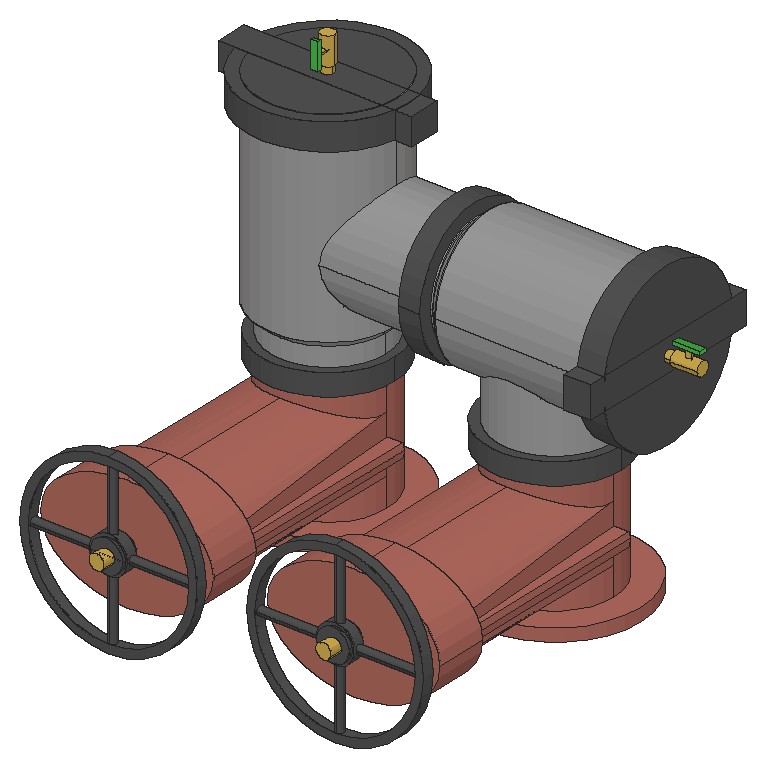
Revit family "Backflow_Preventer-DC-Zurn_Wilkins_Model_450ST_Flanged-(4-10inch)", category Pipe Accessories, Revit 2022
Family settings
  Round Connector Dimension = Use Radius
  Part Type = Valve - Breaks Into
  Work Plane-Based = No
  Always vertical = Yes
  Cut with Voids When Loaded = No
  Shared = No
Parameters (values of type "10-475ST (10" 475ST)")
  Width = 1' - 0"
  URL = "www.zurn.com"
  Symbolic diagram = Symbolic diagram 450ST(4-10) : 10"
  Repair Parts URL = "https://files.zurn.com/repair-parts/450st_4_to_10.pdf"
  Product data URL = "https://www.bimobject.com/en/wilkins/product/zurn-450st"
  Product Weight (lbs) = 720
  Product Page URL = "https://www.zurn.com/products/water-control/backflow-preventers/450st"
  Product Installation Sheet URL = "https://files.zurn.com/care-cleaning-install-warranty-sheets/is450st-8.pdf"
  Product Documentation Link = "https://files.zurn.com/spec-sheets/bf-450st.pdf"
  Nominal Radius = Nominal Diameter / 2  # 0' - 5"
  Nominal Diameter = 0' - 10"
  Modified Data = "09/09/2025"  # constant formula
  Model = "450ST"
  Max Working Water Temperature = 140 °F
  Max Working Water Pressure = 175.00 psi
  Manufacturer Brand = "Zurn Wilkins"  # constant formula
  Manufacturer = "Zurn Water, LLC"  # constant formula
  Main Valve = Zurn_Wilkins_Model_450ST-(4_Inch) : 10"
  Main Material = Paint - Zurn - Stainless steel
  Length = 2' - 0"
  Inlet to relief valve center = 0' - 10 7/32"
  Hydrostatic test pressure = 350.00 psi
  Height = 1' - 0"
  Gate valve = Gate_Valve-Zurn_Wilkins-Model_48_GXF-(4-10_Inch) : 10"
  Flow Rate (GPM) = 0 GPM
  Description = "Double Check Valve Assembly"  # constant formula
  DIM E - Valve top to bottom of relief valve = 2' - 8 3/4"
  DIM D - Valve center to side coupling end = 0' - 8 31/32"
  DIM C - Valve center to gate stem top = 2' - 2 3/4"
  DIM B - Overall height of the valve = 3' - 2 3/4"
  Default Elevation = 0' - 0"
  Date Created = "09/09/2025"  # constant formula
  DIM A - Inlet center to outlet center = 1' - 9"
  Center to top of ball on top = 1' - 3 3/4"
  Center to main valve center = 0' - 1 9/16"
  Center to end for fixing gate valve = 0' - 0"
  Center to bottom coupling = 0' - 10"
  Assembly Code = "D2020300"
Reference planes (in)
  plane 1 "Center (Front/Back)": y = 0
  plane 2: z = 0
  plane 3 "Center (Left/Right)": x = 0
  plane 4 "Left Side Plane": x = -12
  plane 5 "Right side Plane": x = 12
  plane 6 "Back Plane": y = 6
  plane 7 "Front Plane": y = -6
  plane 8 "Top Plane": z = 6
  plane 9 "Bottom Plane": z = -6
  plane 10: x = -10.5
  plane 11: x = 10.5
  plane 12: z = 15.75
  plane 13: z = -23
  plane 14: x = -0.28125
  plane 15: z = -17
  plane 16: y = 8.96875
  plane 17: y = -26.75
  plane 18: z = -10
Dimensions and locks (in)
  equal spacing: plane 5 "Right side Plane", plane 3 "Center (Left/Right)", plane 4 "Left Side Plane"
  "Length": plane 5 "Right side Plane" to plane 4 "Left Side Plane"
  equal spacing: plane 8 "Top Plane", plane 2, plane 9 "Bottom Plane"
  "Height": plane 8 "Top Plane" to plane 9 "Bottom Plane"
  equal spacing: plane 7 "Front Plane", plane 1 "Center (Front/Back)", plane 6 "Back Plane"
  "Width": plane 7 "Front Plane" to plane 6 "Back Plane"
  equal spacing: plane 11, plane 3 "Center (Left/Right)", plane 10
  "DIM A - Inlet center to outlet center": plane 11 to plane 10
  "DIM B - Overall height of the valve": plane 12 to plane 13
  "DIM E - Valve top to bottom of relief valve": plane 12 to plane 15
  "DIM D - Valve center to side coupling end": plane 1 "Center (Front/Back)" to plane 16
  "DIM C - Valve center to gate stem top": plane 17 to plane 1 "Center (Front/Back)"
  "Inlet to relief valve center": plane 10 to plane 14
  "Center to bottom coupling": plane 2 to plane 18
  "Center to top of ball on top": plane 12 to plane 2
  aligned and locked: plane 2 to level
  aligned and locked: nested 1 to plane 10
  aligned and locked: nested 1 to plane 1 "Center (Front/Back)"
  aligned and locked: nested 1 to plane 18
  aligned and locked: nested 2 to plane 11
  aligned and locked: nested 2 to plane 17
  aligned and locked: plane 10 to nested 3
  aligned and locked: nested 3 to plane 17
  aligned and locked: nested 3 to plane 13
  aligned and locked: nested 2 to plane 13
  aligned and locked: plane 3 "Center (Left/Right)" to nested 4
  aligned and locked: nested 4 to plane 1 "Center (Front/Back)"
  aligned and locked: nested 4 to level
Nested families (in)
  nested 1: "Zurn_Wilkins_Model_450ST-(4_Inch)" at (-10.5, 0, -10), type <- "Main Valve", type "10"", detail levels fine
    with Product Install & Maintenance Sheet URL ""
  nested 2: "Gate_Valve-Zurn_Wilkins-Model_48_GXF-(4-10_Inch)" at (10.5, 0, -16.5) x (0, 0, -1) z (0, -1, 0), type <- "Gate valve", type "10""
    with Housing Top Radius 0' - 2 3/8", Housing Bottom Radius 0' - 2 1/2", Horizontal Flange Thickness 0' - 4 7/8", Horizontal Flange Height 1' - 11 1/4", Cover Diameter 0' - 7 1/2", Body Radius 0' - 5 1/2", Body Diameter 0' - 11"
  nested 3: "Gate_Valve-Zurn_Wilkins-Model_48_GXF-(4-10_Inch)" at (-10.5, 0, -16.5) x (0, 0, -1) z (0, -1, 0), type <- "Gate valve", type "10""
    with Housing Top Radius 0' - 2 3/8", Housing Bottom Radius 0' - 2 1/2", Horizontal Flange Thickness 0' - 4 7/8", Horizontal Flange Height 1' - 11 1/4", Cover Diameter 0' - 7 1/2", Body Radius 0' - 5 1/2", Body Diameter 0' - 11"
  nested 4: "Symbolic diagram 450ST(4-10)" at (0, 0, 0), type <- "Symbolic diagram", type "10"", detail levels coarse+medium
    with Product Install & Maintenance Sheet URL ""
Connectors (in)
  piping at (-10.5, 0, -23), diameter 10, driven by "Nominal Radius"
    settings: on nested 3, index 1, connector inside diameter 24", connector length 0' - 0", flow factor 0, pipe flow 0 GPM, pressure drop 0.00 psi, fitting loss kfactor 0, connector angle 0.00°, fixture units 0, engagement length 0' - 0", angle of deflection 0.00°, flow configuration 0, flow direction 1, fitting loss method 0, system type 29, joint type 0, gender type 0, connector reference index 2, connector utility 0, adjustable connector no, is connector primary yes, connector description "Inlet"
  piping at (10.5, 0, -23), diameter 10, driven by "Nominal Radius"
    settings: on nested 2, index 2, connector inside diameter 24", connector length 0' - 0", flow factor 0, pipe flow 0 GPM, pressure drop 0.00 psi, fitting loss kfactor 0, connector angle 0.00°, fixture units 0, engagement length 0' - 0", angle of deflection 0.00°, flow configuration 0, flow direction 2, fitting loss method 0, system type 29, joint type 0, gender type 0, connector reference index 1, connector utility 0, adjustable connector no, is connector primary no, connector description "Outlet"
Definition of nested family "Zurn_Wilkins_Model_450ST-(4_Inch)"
  Parameters (values of type "8"")
    zero = 0' - 0"
    bottom of blend length = 0' - 0 183/256"
    Width = 1' - 0"
    Weight = ""
    URL = "http://www.zurn.com/"
    Top of Ball Valve Center = 2' - 1 13/32"
    Standards Compliance = ""
    Specification Sheet URL = ""
    Side Body Length = 1' - 0"
    Side Body Height = 0' - 10"
    Side Body Diameter = 0' - 8 5/8"
    Right Side of Body Length = 1' - 3"
    Repair Parts URL = ""
    Rated Flow = 0 GPM
    Product Page URL = ""
    Product Install & Maintenance Sheet URL [instance] = ""
    Pressure Loss at Rated Flow = 0.00 psi
    Overall length = 1' - 8 1/2"
    Nominal Radius = 0' - 4"
    Nipple dia. = 0' - 1"
    Nipple Length = 0' - 0 23/32"
    Model = "450ST body"
    Max Working Water Temperature = 0 °F
    Max Working Water Pressure = 0.00 psi
    Manufacturer = "Zurn Wilkins"
    Loss Method = (empty or 0)
    Lg coupling width = 0' - 1 1/2"
    Lg coupling thickness = 0' - 2 29/32"
    Lg Coupling dia = Lg Coupling Radius * 2  # 1' - 3"
    Lg Coupling Radius = 0' - 7 1/2"
    Main Body Height = 1' - 8 5/32"
    Main Body Diameter = 1' - 0 3/4"
    Main Body Coupling Height = 0' - 2"
    Length = 2' - 0"
    Hydrostatic Test Pressure = 0.00 psi
    Height to Inlet = 0' - 9 5/8"
    Height = 1' - 0"
    Green Handle = 0' - 0.31842"
    Flow = ""
    Dim. A = 1' - 6 1/2"
    Dim to coupling = 0' - 9 5/8"
    Dim D = 0' - 8 31/32"
    Description = "450ST Double Check Valve Body"
    Default Elevation = 0' - 0"
    Coupling Radius = 0' - 4 25/32"
    Coupling Height = 0' - 2"
    Green Handle Width = 0' - 0.63283"
    Bottom coupling thickness = 0' - 2"
    Blend Width = 0' - 0 225/256"
    Ball Valve Length = 0' - 2 1/2"
    Ball Valve Handle Width = 0' - 6 1/2"
    Ball Valve Handle Height = 0' - 1 1/4"
    Ball Valve Handle Dia. = 0' - 0 1/2"
    Ball Valve Dia. = 0' - 1 1/4"
    4" Coupling dia = 0' - 9 1/2"
  Types (4): name | bottom of blend length | Side Body Length | Side Body Height | Side Body Diameter | Right Side of Body Length | Nominal Radius | Nipple Length | Lg coupling thickness | Lg Coupling dia | Lg Coupling Radius | Main Body Height | Main Body Diameter | Main Body Coupling Height | Height to Inlet | Dim. A | Dim to coupling | Dim D | Coupling Radius | Coupling Height | Bottom coupling thickness | Blend Width | Ball Valve Handle Width | 4" Coupling dia
    4 inch | 0' - 0 1/2" | 0' - 10" | 0' - 6" | 0' - 4 1/2" | 0' - 7 9/16" | 0' - 3 5/16" | 0' - 0 1/8" | 0' - 1 31/32" | 0' - 7 9/32" | 0' - 3 41/64" | 0' - 10 5/8" | 0' - 6 5/8" | 0' - 1 15/16" | 0' - 6" | 1' - 2" | 0' - 7 3/8" | 0' - 4 31/32" | 0' - 2 13/16" | 0' - 1 1/2" | 0' - 1 1/4" | 0' - 0 1/2" | 0' - 0 5/32" | 0' - 5 1/2"
    6" | 0' - 0 183/256" | 0' - 10" | 0' - 7 9/16" | 0' - 6 5/8" | 0' - 11 9/16" | 0' - 3" | 0' - 0 1/4" | 0' - 2 1/32" | 0' - 10 5/16" | 0' - 5 5/32" | 1' - 2 5/8" | 0' - 8 5/8" | 0' - 2" | 0' - 7 9/16" | 1' - 4" | 0' - 7 13/16" | 0' - 6 5/16" | 0' - 4 1/64" | 0' - 2" | 0' - 1 9/32" | 0' - 0 225/256" | 0' - 0 5/32" | 0' - 7 1/2"
    8" | 0' - 0 183/256" | 1' - 0" | 0' - 10" | 0' - 8 5/8" | 1' - 3" | 0' - 4" | 0' - 0 23/32" | 0' - 2 29/32" | 1' - 3" | 0' - 7 1/2" | 1' - 8 5/32" | 1' - 0 3/4" | 0' - 2" | 0' - 9 5/8" | 1' - 6 1/2" | 0' - 9 5/8" | 0' - 8 31/32" | 0' - 4 25/32" | 0' - 2" | 0' - 2" | 0' - 0 225/256" | 0' - 6 1/2" | 0' - 9 1/2"
    10" | 0' - 0 183/256" | 1' - 2" | 0' - 10" | 0' - 10 3/4" | 1' - 2" | 0' - 4 7/32" | 0' - 0 23/32" | 0' - 2 29/32" | 1' - 3" | 0' - 7 1/2" | 1' - 10 17/32" | 1' - 0 3/4" | 0' - 2 1/2" | 0' - 10" | 1' - 9" | 0' - 11 3/4" | 0' - 8 31/32" | 0' - 6 1/2" | 0' - 2" | 0' - 2" | 0' - 0 225/256" | 0' - 6 1/2" | 1' - 0 1/2"
  Reference planes (in)
    plane 1 "Center (Front/Back)": y = 0
    plane 2: z = 0
    plane 3 "Center (Left/Right)": x = 0
    plane 4 "Left Side Plane": x = -12
    plane 5 "Right side Plane": x = 12
    plane 6 "Back Plane": y = 6
    plane 7 "Front Plane": y = -6
    plane 8 "Top Plane": z = 6
    plane 9 "Bottom Plane": z = -6
    plane 10: x = 12
    plane 11: x = 13
    plane 12 "Dim A": x = 18.5
    plane 13 "Center of Side Body": z = 9.625
    plane 14: x = 28
    plane 15: z = 2
    plane 16: z = 18.15625
    plane 17: x = 30
    plane 18: x = 9.625
    plane 19: x = 11.625
    plane 20: z = 20.15625
    plane 21: z = 20.875
    plane 22: x = 33.21875
    plane 23: y = 0
    plane 24: x = 33.90625
    plane 25: y = 0.31642
    plane 26: y = -0.31642
    plane 27: z = 10.875
    plane 28: z = 23.375
    plane 29: z = 22.125
    plane 30: x = 31.94908
    plane 31: y = -1.25
    plane 32: x = 0
    plane 33: z = 15.5
    plane 34: x = -0.31642
    plane 35: x = 0.31642
    plane 36: x = 30.71875
    plane 37: z = 11.19342
    plane 38: y = -1.56842
    plane 39: z = 2.71484
    plane 40: z = 3.59375
    plane 41: z = 0.96223
    plane 42: z = -1.03777
    plane 43: y = 4.3125
    plane 44: y = -4.3125
    plane 45: y = 4.78125
    plane 46: y = -4.78125
    plane 47: y = 6.375
    plane 48: y = -6.375
    plane 49: y = 4
    plane 50: y = -4
    plane 51: y = 0.625
    plane 52: y = -0.625
    plane 53: z = 1
    plane 54: z = -1
    plane 55: y = 8.96875
    plane 56: y = -8.96875
    plane 57: z = 6.78215
    plane 58: z = 11.07812
    plane 59: z = 8.17187
    plane 60: y = 1.45312
    plane 61: y = -1.45313
    plane 62: x = -8.96875
    plane 63: x = 8.96875
    plane 64: y = 1.45312
    plane 65: y = -1.45313
    plane 66: x = -8.96875
    plane 67 "wewdwewe": z = 0
  Forms (in)
    Extrusion 1, solid, detail levels fine
      sketch origin (0, 0, 0) x (1, 0, 0) y (0, 1, 0)
        loop
          circle (0, 0) r 4.3125
      from 0 to 9.625
    Extrusion 2, solid, detail levels fine
      sketch origin (0, 0, 0) x (1, 0, 0) y (0, 1, 0)
        loop
          circle (0, 0) r 6.375
      from 3.59375 to 20.15625
    Blend 3, solid, detail levels fine
      base sketch origin (0, 0, 0) x (1, 0, 0) y (0, 1, 0)
        loop
          circle (0, 0) r 4.3125
      top sketch origin (0, 0, 0) x (1, 0, 0) y (0, 1, 0)
        loop
          circle (0, 0) r 6.375
      from 2.71484 to 3.59375
    Extrusion 4, solid, detail levels fine
      sketch origin (0, 0, 0) x (1, 0, 0) y (0, 1, 0)
        loop
          circle (0, 0) r 7.5
      from 18.15625 to 20.15625
    Extrusion 5, solid, detail levels fine
      sketch origin (0, 0, 0) x (0, 1, 0) y (0, 0, 1)
        loop
          circle (0, 9.625) r 4.3125
      from 0 to 12
    Blend 6, solid, detail levels fine
      base sketch origin (0, 0, 0) x (0, 1, 0) y (0, 0, 1)
        loop
          circle (0, 9.625) r 4.3125
      top sketch origin (0, 0, 0) x (0, 1, 0) y (0, 0, 1)
        loop
          circle (0, 9.625) r 6.375
      from 12 to 13
    Extrusion 7, solid, detail levels fine
      sketch origin (0, 0, 0) x (1, 0, 0) y (0, 1, 0)
        loop
          circle (18.5, 0) r 4.3125
      from 0 to 9.625
    Extrusion 8, solid, detail levels fine
      sketch origin (0, 0, 0) x (0, 1, 0) y (0, 0, 1)
        loop
          circle (0, 9.625) r 6.375
      from 13 to 28
    Extrusion 9, solid, detail levels fine
      sketch origin (0, 0, 0) x (0, 1, 0) y (0, 0, 1)
        loop
          circle (0, 9.625) r 7.5
      from 30 to 28
    Extrusion 10, solid, detail levels fine
      sketch origin (0, 0, 0) x (0, 1, 0) y (0, 0, 1)
        loop
          circle (0, 9.625) r 4.78125
      from 9.625 to 11.625
    Extrusion 11, solid, detail levels fine
      sketch origin (0, 0, 0) x (1, 0, 0) y (0, 1, 0)
        loop
          circle (0, 0) r 0.5
      from 20.15625 to 20.875
    Extrusion 12, solid, detail levels fine
      sketch origin (0, 0, 0) x (0, 1, 0) y (0, 0, 1)
        loop
          circle (0, 9.625) r 0.5
      from 30 to 30.71875
    Extrusion 13, solid, detail levels fine
      sketch origin (0, 0, 0) x (0, 1, 0) y (0, 0, 1)
        loop
          circle (0, 9.625) r 0.625
      from 30.71875 to 33.21875
    Extrusion 14, solid, detail levels fine
      sketch origin (10.98033, 0, 0) x (1, 0, 0) y (0, 1, 0)
        loop
          circle (20.96875, 0) r 0.25
      from 9.625 to 10.875
    Extrusion 15, solid, detail levels fine
      sketch origin (8.5, 0, 0) x (1, 0, 0) y (0, 1, 0)
        loop
          line (22.21875, 0.31642) -> (22.21875, -0.31642) -> (24.71875, -0.31642) -> (24.71875, 0.31642) -> (22.21875, 0.31642)
      from 10.875 to 11.19342
    Extrusion 16, solid, detail levels fine
      sketch origin (0, 0, 0) x (1, 0, 0) y (0, 1, 0)
        loop
          circle (0, 0) r 0.625
      from 20.875 to 23.375
    Extrusion 17, solid, detail levels fine
      sketch origin (0, 0, 0) x (1, 0, 0) y (0, 0, 1)
        loop
          circle (0, 22.125) r 0.25
      from 0 to 1.25
    Extrusion 18, solid, detail levels fine
      sketch origin (0, 0, 0) x (1, 0, 0) y (0, 0, 1)
        loop
          line (-0.31642, 23.375) -> (-0.31642, 20.875) -> (0.31642, 20.875) -> (0.31642, 23.375) -> (-0.31642, 23.375)
      from 1.25 to 1.56842
    Extrusion 19, solid, detail levels fine
      sketch origin (0, 0, 0) x (1, 0, 0) y (0, 1, 0)
        loop
          circle (0, 0) r 4.75
        loop
          circle (18.5, 0) r 4.75
      from -1 to 1
    Extrusion 20, solid, detail levels fine
      sketch origin (0, 0, 0) x (0, 1, 0) y (0, 0, 1)
        loop
          line (-8.96875, 11.07812) -> (-8.96875, 8.17187) -> (8.96875, 8.17187) -> (8.96875, 11.07812) -> (-8.96875, 11.07812)
      from 30 to 28
    Extrusion 21, solid, detail levels fine
      sketch origin (0, 0, 0) x (1, 0, 0) y (0, 1, 0)
        loop
          line (-8.96875, 1.45312) -> (-8.96875, -1.45313) -> (8.96875, -1.45313) -> (8.96875, 1.45312) -> (-8.96875, 1.45312)
      from 18.15625 to 20.15625
  Lines and regions (in)
    Masking region 1, detail levels fine
      outline origin (0, 0, 0) x (1, 0, 0) y (0, 1, 0)
        loop
          arc (6.13615, 4.3125) -> (-1.55472, 7.33709) -> (-7.35788, 1.45312) r 7.5
          line (-7.35788, 1.45312) -> (-8.96875, 1.45312) -> (-8.96875, -1.45313) -> (-7.35788, -1.45313)
          arc (-7.35788, -1.45313) -> (-1.55472, -7.33709) -> (6.13615, -4.3125) r 7.5
          line (6.13615, -4.3125) -> (9.625, -4.3125) -> (9.625, -4.78125) -> (11.625, -4.78125) -> (11.625, -4.3125) -> (12, -4.3125) -> (13, -6.375) -> (28, -6.375) -> (28, -8.96875) -> (30, -8.96875) -> (30, -0.625) -> (33.21875, -0.625) -> (33.21875, 0.625) -> (30, 0.625) -> (30, 8.96875) -> (28, 8.96875) -> (28, 6.375) -> (13, 6.375) -> (12, 4.3125) -> (11.625, 4.3125) -> (11.625, 4.78125) -> (9.625, 4.78125) -> (9.625, 4.3125) -> (6.13615, 4.3125)
  Dimensions and locks (in)
    equal spacing: plane 5 "Right side Plane", plane 3 "Center (Left/Right)", plane 4 "Left Side Plane"
    "Length": plane 5 "Right side Plane" to plane 4 "Left Side Plane"
    equal spacing: plane 8 "Top Plane", plane 2, plane 9 "Bottom Plane"
    "Height": plane 8 "Top Plane" to plane 9 "Bottom Plane"
    equal spacing: plane 7 "Front Plane", plane 1 "Center (Front/Back)", plane 6 "Back Plane"
    "Width": plane 7 "Front Plane" to plane 6 "Back Plane"
    "Side Body Length": plane 3 "Center (Left/Right)" to plane 10
    locked: plane 10 to plane 11 at 1
    "Dim. A": plane 3 "Center (Left/Right)" to plane 12 "Dim A"
    locked: Extrusion 7 sketch curve to plane 12 "Dim A"
    locked: Extrusion 7 sketch curve to plane 1 "Center (Front/Back)"
    "Height to Inlet": plane 13 "Center of Side Body" to plane 2
    "Right Side of Body Length": plane 14 to plane 11
    "Coupling Height": plane 15 to plane 2
    "Main Body Coupling Height": plane 17 to plane 14
    "Dim to coupling": plane 18 to plane 3 "Center (Left/Right)"
    "Coupling Height": plane 19 to plane 18
    "Main Body Height": plane 20 to plane 2
    "Main Body Coupling Height": plane 20 to plane 16
    "Nipple Length": plane 21 to plane 20
    Extrusion 12 sketch curve to plane 1 "Center (Front/Back)" = 0' - 0"
    "Ball Valve Length": plane 28 to plane 21
    equal spacing: plane 28, plane 29, plane 21, locked at 1.25 each
    plane 30 to plane 22 = 0' - 1.26967"
    locked: plane 30 to Extrusion 14 sketch curve
    locked: Extrusion 14 sketch curve to plane 1 "Center (Front/Back)"
    locked: Extrusion 17 sketch curve to plane 3 "Center (Left/Right)"
    locked: Extrusion 17 sketch curve to plane 29
    "Green Handle Width": plane 25 to plane 26
    "Green Handle Width": plane 35 to plane 34
    equal spacing: plane 35, plane 32, plane 34, locked at 0.31642 each
    "Height to Inlet": Extrusion 12 sketch curve to plane 2
    "Nipple Length": plane 17 to plane 36
    "Ball Valve Length": plane 36 to plane 22
    "Ball Valve Handle Height": plane 27 to plane 13 "Center of Side Body"
    "Green Handle": plane 37 to plane 27
    "Ball Valve Handle Height": plane 31 to plane 1 "Center (Front/Back)"
    "Green Handle": plane 31 to plane 38
    plane 17 to plane 3 "Center (Left/Right)" = 2' - 6"
    "bottom of blend length": plane 39 to plane 15
    "Blend Width": plane 40 to plane 39
    "Coupling Height": plane 41 to plane 42
    equal spacing: plane 44, plane 1 "Center (Front/Back)", plane 43
    "Coupling Radius": plane 46 to plane 1 "Center (Front/Back)" to plane 45
    equal spacing: plane 47, plane 1 "Center (Front/Back)", plane 48
    plane 50 to plane 1 "Center (Front/Back)" to plane 49 = 0' - 4" locked, 0' - 4" locked
    plane 51 to plane 1 "Center (Front/Back)" to plane 52 = 0' - 0 5/8" locked, 0' - 0 5/8" locked
    equal spacing: plane 53, level, plane 54
    "Bottom coupling thickness": plane 53 to plane 54
    equal spacing: plane 56, plane 1 "Center (Front/Back)", plane 55
    "Dim D": plane 1 "Center (Front/Back)" to plane 55
    equal spacing: plane 62, plane 3 "Center (Left/Right)", plane 63
    "Dim D": plane 3 "Center (Left/Right)" to plane 63
    equal spacing: plane 65, plane 1 "Center (Front/Back)", plane 64
    "Dim D": plane 66 to plane 3 "Center (Left/Right)"
    "Side Body Diameter": plane 44 to plane 43
    "Main Body Diameter": plane 47 to plane 48
    "Lg coupling thickness": plane 65 to plane 64
    equal spacing: plane 58, plane 13 "Center of Side Body", plane 59
    "Lg coupling thickness": plane 59 to plane 58
    equal spacing: plane 61, plane 1 "Center (Front/Back)", plane 60
    "Lg coupling thickness": plane 61 to plane 60
    "Main Body Diameter": diameter of Blend 3 sketch curve
    "Main Body Diameter": diameter of Extrusion 2 sketch curve
    "Lg Coupling Radius": radius of Extrusion 4 sketch curve
    "Side Body Diameter": diameter of Extrusion 5 sketch curve
    "Side Body Diameter": diameter of Blend 6 sketch curve
    "Main Body Diameter": diameter of Blend 6 sketch curve
    "Main Body Diameter": diameter of Extrusion 8 sketch curve
    "Lg Coupling Radius": radius of Extrusion 9 sketch curve
    "Coupling Radius": radius of Extrusion 10 sketch curve
    "Nipple dia.": diameter of Extrusion 11 sketch curve
    "Nipple dia.": diameter of Extrusion 12 sketch curve
    "Ball Valve Dia.": diameter of Extrusion 13 sketch curve
    "Ball Valve Dia.": diameter of Extrusion 16 sketch curve
    "Ball Valve Handle Dia.": diameter of Extrusion 17 sketch curve
    "Ball Valve Handle Dia.": diameter of Extrusion 14 sketch curve
    "Side Body Diameter": diameter of Extrusion 7 sketch curve
    "Side Body Diameter": diameter of Extrusion 1 sketch curve
    "Side Body Diameter": diameter of Blend 3 sketch curve
    "4" Coupling dia": diameter of Extrusion 19 sketch curve  (x2)
    "Lg Coupling dia": diameter of Masking region 1 sketch curve  (x2)
    aligned and locked: plane 2 to level
    aligned and locked: Blend 3 to Extrusion 2
    aligned and locked: Extrusion 4 to Extrusion 2
    aligned and locked: Extrusion 5 to plane 3 "Center (Left/Right)"
    aligned and locked: Extrusion 5 to plane 10
    aligned and locked: Blend 6 to plane 11
    aligned and locked: Blend 6 to Extrusion 5
    aligned and locked: plane 13 "Center of Side Body" to Extrusion 7
    aligned and locked: plane 11 to Extrusion 8
    aligned and locked: plane 14 to Extrusion 8
    aligned and locked: plane 14 to Extrusion 9
    aligned and locked: Extrusion 9 to plane 17
    aligned and locked: Extrusion 10 to plane 18
    aligned and locked: plane 19 to Extrusion 10
    aligned and locked: Extrusion 4 to plane 20
    aligned and locked: plane 20 to Extrusion 11
    aligned and locked: Extrusion 11 to plane 21
    aligned and locked: Extrusion 7 to Extrusion 14
    aligned and locked: Extrusion 15 sketch curve to plane 25
    aligned and locked: Extrusion 15 sketch curve to plane 26
    aligned and locked: plane 21 to Extrusion 16
    aligned and locked: Extrusion 16 to plane 28
    aligned and locked: plane 23 to plane 1 "Center (Front/Back)"
    aligned and locked: Extrusion 17 to plane 31
    aligned and locked: plane 28 to Extrusion 18 sketch curve
    aligned and locked: Extrusion 18 sketch curve to plane 21
    aligned and locked: plane 34 to Extrusion 18 sketch curve
    aligned and locked: Extrusion 18 sketch curve to plane 35
    aligned and locked: plane 32 to plane 3 "Center (Left/Right)"
    aligned and locked: plane 16 to Extrusion 4
    aligned and locked: Extrusion 12 to plane 17
    aligned and locked: Extrusion 12 to plane 36
    aligned and locked: plane 36 to Extrusion 13
    aligned and locked: plane 22 to Extrusion 13
    aligned and locked: plane 27 to Extrusion 14
    aligned and locked: plane 36 to Extrusion 15
    aligned and locked: plane 22 to Extrusion 15
    aligned and locked: Extrusion 15 to plane 27
    aligned and locked: plane 37 to Extrusion 15
    aligned and locked: plane 31 to Extrusion 18
    aligned and locked: plane 38 to Extrusion 18
    aligned and locked: plane 13 "Center of Side Body" to Extrusion 1
    aligned and locked: Blend 3 to plane 39
    aligned and locked: plane 40 to Extrusion 2
    aligned and locked: Extrusion 1 to plane 2
    aligned and locked: plane 3 "Center (Left/Right)" to Masking region 1 sketch curve  (x2)
    aligned and locked: plane 1 "Center (Front/Back)" to Masking region 1 sketch curve  (x2)
    aligned and locked: Masking region 1 sketch curve to plane 14
    aligned and locked: plane 14 to Masking region 1 sketch curve
    aligned and locked: Masking region 1 sketch curve to plane 17
    aligned and locked: plane 17 to Masking region 1 sketch curve
    aligned and locked: plane 19 to Masking region 1 sketch curve
    aligned and locked: Masking region 1 sketch curve to plane 18
    aligned and locked: plane 18 to Masking region 1 sketch curve
    aligned and locked: Masking region 1 sketch curve to plane 19
    aligned and locked: plane 10 to Masking region 1 sketch curve  (x2)
    aligned and locked: plane 11 to Masking region 1 sketch curve  (x2)
    aligned and locked: Masking region 1 sketch curve to plane 43  (x2)
    aligned and locked: plane 44 to Masking region 1 sketch curve  (x3)
    aligned and locked: Masking region 1 sketch curve to plane 45
    aligned and locked: plane 46 to Masking region 1 sketch curve
    aligned and locked: plane 47 to Masking region 1 sketch curve
    aligned and locked: Masking region 1 sketch curve to plane 48
    aligned and locked: plane 43 to Masking region 1 sketch curve
    aligned and locked: plane 22 to Masking region 1 sketch curve
    aligned and locked: Masking region 1 sketch curve to plane 51
    aligned and locked: Masking region 1 sketch curve to plane 52
    aligned and locked: plane 3 "Center (Left/Right)" to Extrusion 19 sketch curve
    aligned and locked: plane 1 "Center (Front/Back)" to Extrusion 19 sketch curve  (x2)
    aligned and locked: plane 12 "Dim A" to Extrusion 19 sketch curve
    aligned and locked: Extrusion 19 to plane 54
    aligned and locked: Extrusion 19 to plane 53
    aligned and locked: plane 58 to Extrusion 20 sketch curve
    aligned and locked: plane 59 to Extrusion 20 sketch curve
    aligned and locked: Extrusion 20 sketch curve to plane 55
    aligned and locked: Extrusion 20 sketch curve to plane 56
    aligned and locked: Extrusion 9 to Extrusion 20
    aligned and locked: Extrusion 20 to plane 14
    aligned and locked: plane 55 to Masking region 1 sketch curve
    aligned and locked: Masking region 1 sketch curve to plane 56
    aligned and locked: Extrusion 21 sketch curve to plane 61
    aligned and locked: plane 60 to Extrusion 21 sketch curve
    aligned and locked: plane 62 to Extrusion 21 sketch curve
    aligned and locked: plane 63 to Extrusion 21 sketch curve
    aligned and locked: Extrusion 21 to Extrusion 4
    aligned and locked: Extrusion 21 to Extrusion 2
    aligned and locked: Masking region 1 sketch curve to plane 64
    aligned and locked: Masking region 1 sketch curve to plane 66
    aligned and locked: Masking region 1 sketch curve to plane 65
    aligned and locked: plane 65 to Masking region 1 sketch curve
    aligned and locked: plane 1 "Center (Front/Back)" to Extrusion 8 sketch curve
    aligned and locked: plane 13 "Center of Side Body" to Extrusion 8 sketch curve
    aligned and locked: plane 1 "Center (Front/Back)" to Extrusion 5 sketch curve
    aligned and locked: plane 13 "Center of Side Body" to Extrusion 5 sketch curve
    aligned and locked: plane 1 "Center (Front/Back)" to Extrusion 10 sketch curve
    aligned and locked: plane 13 "Center of Side Body" to Extrusion 10 sketch curve
    aligned and locked: plane 1 "Center (Front/Back)" to Blend 6 sketch curve  (x2)
    aligned and locked: plane 13 "Center of Side Body" to Blend 6 sketch curve  (x2)
    aligned and locked: plane 1 "Center (Front/Back)" to Extrusion 9 sketch curve
    aligned and locked: plane 13 "Center of Side Body" to Extrusion 9 sketch curve
    aligned and locked: plane 1 "Center (Front/Back)" to Extrusion 2 sketch curve
    aligned and locked: plane 3 "Center (Left/Right)" to Extrusion 2 sketch curve
    aligned and locked: plane 3 "Center (Left/Right)" to Blend 3 sketch curve  (x2)
    aligned and locked: plane 1 "Center (Front/Back)" to Blend 3 sketch curve  (x2)
    aligned and locked: plane 3 "Center (Left/Right)" to Extrusion 1 sketch curve
    aligned and locked: plane 1 "Center (Front/Back)" to Extrusion 1 sketch curve
    aligned and locked: plane 3 "Center (Left/Right)" to Extrusion 4 sketch curve
    aligned and locked: plane 1 "Center (Front/Back)" to Extrusion 4 sketch curve
    aligned and locked: plane 1 "Center (Front/Back)" to Extrusion 11 sketch curve
    aligned and locked: plane 3 "Center (Left/Right)" to Extrusion 11 sketch curve
    aligned and locked: plane 3 "Center (Left/Right)" to Extrusion 16 sketch curve
    aligned and locked: plane 1 "Center (Front/Back)" to Extrusion 16 sketch curve
    aligned and locked: Extrusion 7 to level
    aligned and locked: level to plane 67 "wewdwewe"
    aligned and locked: plane 1 "Center (Front/Back)" to Extrusion 13 sketch curve
    aligned and locked: plane 13 "Center of Side Body" to Extrusion 13 sketch curve
  Automatic sketch dimensions
    Extrusion 15 sketch curve to plane 36 = 0' - 0"
    plane 22 to Extrusion 15 sketch curve = 0' - 0"
Definition of nested family "Gate_Valve-Zurn_Wilkins-Model_48_GXF-(4-10_Inch)"
  Parameters (values of type "10"")
    Weight = "266 lbs"
    URL = "https://www.zurn.com/products/water-control/shut-off-valves/model-48"
    Type Comments = "Designed for installation on potable water lines, Irrigation\r\nsystems, Waterworks connections, and Fire systems"
    Test Cock Length = 1' - 0"
    Symbol Width = 0.5 * Body Length * tan(30.00°)  # 0' - 3.75278"
    Standard Compliance = "• AWWA Compliant C515, C-550\r\n• UL® Listed\r\n• C-UL® Listed\r\n• FM® Approved\r\n• Certified to NSF/ANSI 372* by IAPMO R&T\r\n*(0.25% MAX. WEIGHTED AVERAGE LEAD CONTENT)"
    Spoke Width = Hand Wheel Radius - 0' 0 3/4"  # 0' - 7 7/16"
    Specification Sheet URL = "https://www.zurn.com/media-library/web_documents/pdfs/specsheets/gv-48wilkins-pdf"
    Product Page URL = "https://www.zurn.com/products/water-control/shut-off-valves/model-48"
    Product Install & Maintenance Sheet URL = "https://www.zurn.com/products/water-control/shut-off-valves/model-48"
    Pipe Size = 0' - 10"
    Pipe Radius = 0' - 5"
    Open Height = 2' - 2 3/4"
    OSY = no
    Model = "48"
    Manufacturer = "Zurn Wilkins"
    Loss Method = (empty or 0)
    Housing Top Radius [instance] = Housing Bottom Radius - 0' 0 1/8"  # 0' - 2 3/8"
    Housing Bottom Radius [instance] = if(Hand Wheel Diameter > 0' 11", 0' 2 1/2", 0' 1 13/16")  # 0' - 2 1/2"
    Horizontal Flange Thickness [instance] = ((Flange Thickness * 2) * 2) + 0' 0 1/8"  # 0' - 4 7/8"
    Horizontal Flange Height [instance] = Closed Height - 0' 3 1/2"  # 1' - 11 1/4"
    Hand Wheel Height = Open Height / 2  # 1' - 1 3/8"
    Hand Wheel Radius = Hand Wheel Diameter / 2  # 0' - 8 3/16"
    Hand Wheel Diameter = 1' - 4 3/8"
    Flange Thickness = 0' - 1 3/16"
    Flange Radius = Flange Diameter / 2  # 0' - 8"
    Flange Diameter = 1' - 4"
    Description = "Gate Valve"
    Default Elevation = 0' - 0"
    Cover Diameter [instance] = (Flange Diameter / 2) - 0' 0 1/2"  # 0' - 7 1/2"
    Closed Height = 2' - 2 3/4"
    Body Radius [instance] = (Pipe Size / 2) + 0' 0 1/2"  # 0' - 5 1/2"
    Body Length = 1' - 1"
    Body Diameter [instance] = Body Radius * 2  # 0' - 11"
    Assembly Code = "D2090800"
  Types (4): name | Weight | Test Cock Length | Symbol Width | Spoke Width | Pipe Size | Pipe Radius | Open Height | Housing Top Radius | Housing Bottom Radius | Horizontal Flange Thickness | Horizontal Flange Height | Hand Wheel Height | Hand Wheel Radius | Hand Wheel Diameter | Flange Thickness | Flange Radius | Flange Diameter | Cover Diameter | Closed Height | Body Radius | Body Length | Body Diameter
    10" | "266 lbs" | 1' - 0" | 0' - 3.75278" | 0' - 7 7/16" | 0' - 10" | 0' - 5" | 2' - 2 3/4" | 0' - 2 3/8" | 0' - 2 1/2" | 0' - 4 7/8" | 1' - 11 1/4" | 1' - 1 3/8" | 0' - 8 3/16" | 1' - 4 3/8" | 0' - 1 3/16" | 0' - 8" | 1' - 4" | 0' - 7 1/2" | 2' - 2 3/4" | 0' - 5 1/2" | 1' - 1" | 0' - 11"
    8" | "174 lbs" | 0' - 11" | 0' - 3.31976" | 0' - 6 5/8" | 0' - 8" | 0' - 4" | 1' - 10" | 0' - 2 3/8" | 0' - 2 1/2" | 0' - 4 5/8" | 1' - 6 1/2" | 0' - 11" | 0' - 7 3/8" | 1' - 2 3/4" | 0' - 1 1/8" | 0' - 6 3/4" | 1' - 1 1/2" | 0' - 6 1/4" | 1' - 10" | 0' - 4 1/2" | 0' - 11 1/2" | 0' - 9"
    6" | "111 lbs" | 0' - 10" | 0' - 3.03109" | 0' - 5 1/2" | 0' - 6" | 0' - 3" | 1' - 6" | 0' - 2 3/8" | 0' - 2 1/2" | 0' - 4 1/8" | 1' - 2 1/2" | 0' - 9" | 0' - 6 1/4" | 1' - 0 1/2" | 0' - 1" | 0' - 5 1/2" | 0' - 11" | 0' - 5" | 1' - 6" | 0' - 3 1/2" | 0' - 10 1/2" | 0' - 7"
    4" | "68 lbs" | 0' - 8" | 0' - 2.59808" | 0' - 4 3/8" | 0' - 4" | 0' - 2" | 1' - 2 1/2" | 0' - 1 11/16" | 0' - 1 13/16" | 0' - 3 7/8" | 0' - 11" | 0' - 7 1/4" | 0' - 5 1/8" | 0' - 10 1/4" | 0' - 0 15/16" | 0' - 4 1/2" | 0' - 9" | 0' - 4" | 1' - 2 1/2" | 0' - 2 1/2" | 0' - 9" | 0' - 5"
  Reference planes (in)
    plane 1 "Center (Front/Back)": y = 0
    plane 2: z = 0
    plane 3 "Center (Left/Right)": x = 0
    plane 4 "Left": x = -6.5
    plane 5 "Right": x = 6.5
    plane 6: z = 26.75
    plane 7 "Flange Left": x = -5.3125
    plane 8 "Flange Right": x = 5.3125
    plane 9 "Horizontal Flange": z = 23.25
    plane 10 "Tap Left": x = -4.0625
    plane 11 "Tap Right": x = 4.0625
    plane 12 "Horizontal Flange Bottom": z = 18.375
    plane 13: y = 8
    plane 14: y = -8
    plane 15: z = 13
    plane 16: y = 7
    plane 17: y = -7
    plane 18: x = -4.3125
    plane 19: x = 4.3125
    plane 20: y = 6.5
    plane 21: y = -6.5
    plane 22: x = -3.8125
    plane 23: x = 3.8125
    plane 24: y = 3.75
    plane 25: y = -3.75
    plane 26: y = 3
    plane 27: y = -3
    plane 28: y = 5.5
    plane 29: y = -5.5
    plane 30: z = 8
    plane 31: y = 5.75
    plane 32: y = -5.75
    plane 33: x = 7.6875
    plane 34: x = -7.6875
    plane 35: y = 3.75278
    plane 36: y = -3.75278
    plane 37: z = 24.875
    plane 38: z = 23.875
    plane 39: z = 22.5
    plane 40: z = 18.875
    plane 41: z = -1.875
    plane 42: y = 12
    plane 43: y = 10
    plane 44: y = -1.5
    plane 45: y = 1.5
    plane 46: y = -0.6875
    plane 47: y = 0.6875
    plane 48: z = 25.375
    plane 49: z = 24.375
    plane 50: y = -8.1875
    plane 51: y = 8.1875
    plane 52: z = 25.625
  Forms (in)
    Extrusion 1, solid, detail levels fine
      sketch origin (0, 0, 0) x (0, 1, 0) y (0, 0, 1)
        loop
          circle (0, 0) r 5.5
      from -5.3125 to 5.3125
    Extrusion 2, solid, detail levels fine
      sketch origin (-5.3125, 0, 0) x (0, 0, 1) y (0, -1, 0)
        loop
          circle (0, 0) r 5.5
      from 0 to -1.1875
    Extrusion 3, solid, detail levels fine
      sketch origin (4.25, 0, 0) x (0, 0, 1) y (0, -1, 0)
        loop
          circle (0, 0) r 8
      from 1.0625 to 2.25
    Extrusion 4, solid, detail levels fine
      sketch origin (0, 0, 23.25) x (-1, 0, 0) y (0, -1, 0)
        loop
          spline (0, -8) -> (0.69342, -7.93156) -> (1.37498, -7.72741) -> (2.03301, -7.39104) -> (2.65625, -6.9282) -> (3.23405, -6.34683) -> (3.7565, -5.65685) -> (4.21469, -4.87009) -> (4.60076, -4) -> (4.90811, -3.06147) -> (5.13148, -2.07055) -> (5.26705, -1.04421) -> (5.3125, 0)
          spline (5.3125, 0) -> (5.26705, 1.04421) -> (5.13148, 2.07055) -> (4.90811, 3.06147) -> (4.60076, 4) -> (4.21469, 4.87009) -> (3.7565, 5.65685) -> (3.23405, 6.34683) -> (2.65625, 6.9282) -> (2.03301, 7.39104) -> (1.37498, 7.72741) -> (0.69342, 7.93156) -> (0, 8)
          spline (0, 8) -> (-0.69342, 7.93156) -> (-1.37498, 7.72741) -> (-2.03301, 7.39104) -> (-2.65625, 6.9282) -> (-3.23405, 6.34683) -> (-3.7565, 5.65685) -> (-4.21469, 4.87009) -> (-4.60076, 4) -> (-4.90811, 3.06147) -> (-5.13148, 2.07055) -> (-5.26705, 1.04421) -> (-5.3125, 0)
          spline (-5.3125, 0) -> (-5.26705, -1.04421) -> (-5.13148, -2.07055) -> (-4.90811, -3.06147) -> (-4.60076, -4) -> (-4.21469, -4.87009) -> (-3.7565, -5.65685) -> (-3.23405, -6.34683) -> (-2.65625, -6.9282) -> (-2.03301, -7.39104) -> (-1.37498, -7.72741) -> (-0.69342, -7.93156) -> (0, -8)
      from -4.875 to 0
    Blend 5, solid, detail levels fine
      base sketch origin (0, 0, 0) x (1, 0, 0) y (0, 1, 0)
        loop
          line (0.625, 5.5) -> (0.625, 6.91601)
          spline (0.625, 6.91601) -> (0.57328, 6.9294) -> (0.52147, 6.94164) -> (0.46957, 6.95271) -> (0.4176, 6.96263) -> (0.36555, 6.97138) -> (0.31344, 6.97897) -> (0.26128, 6.98539) -> (0.20908, 6.99065) -> (0.15684, 6.99474) -> (0.10457, 6.99766) -> (0.05229, 6.99942) -> (0, 7)
          spline (0, 7) -> (-0.05229, 6.99942) -> (-0.10457, 6.99766) -> (-0.15684, 6.99474) -> (-0.20908, 6.99065) -> (-0.26128, 6.98539) -> (-0.31344, 6.97897) -> (-0.36555, 6.97138) -> (-0.4176, 6.96263) -> (-0.46957, 6.95271) -> (-0.52147, 6.94164) -> (-0.57328, 6.9294) -> (-0.625, 6.91601)
          line (-0.625, 6.91601) -> (-0.625, 5.5) -> (-2.66767, 5.5)
          spline (-2.66767, 5.5) -> (-2.91508, 5.15857) -> (-3.14596, 4.78788) -> (-3.359, 4.39004) -> (-3.553, 3.96731) -> (-3.72685, 3.52209) -> (-3.87956, 3.05689) -> (-4.01028, 2.57435) -> (-4.11825, 2.07722) -> (-4.20287, 1.56831) -> (-4.26366, 1.05051) -> (-4.30027, 0.52675) -> (-4.3125, 0)
          spline (-4.3125, 0) -> (-4.30027, -0.52675) -> (-4.26366, -1.05051) -> (-4.20287, -1.56831) -> (-4.11825, -2.07722) -> (-4.01028, -2.57435) -> (-3.87956, -3.05689) -> (-3.72685, -3.52209) -> (-3.553, -3.96731) -> (-3.359, -4.39004) -> (-3.14596, -4.78788) -> (-2.91508, -5.15857) -> (-2.66767, -5.5)
          line (-2.66767, -5.5) -> (-0.625, -5.5) -> (-0.625, -6.91601)
          spline (-0.625, -6.91601) -> (-0.57328, -6.9294) -> (-0.52147, -6.94164) -> (-0.46957, -6.95271) -> (-0.4176, -6.96263) -> (-0.36555, -6.97138) -> (-0.31344, -6.97897) -> (-0.26128, -6.98539) -> (-0.20908, -6.99065) -> (-0.15684, -6.99474) -> (-0.10457, -6.99766) -> (-0.05229, -6.99942) -> (0, -7)
          spline (0, -7) -> (0.05229, -6.99942) -> (0.10457, -6.99766) -> (0.15684, -6.99474) -> (0.20908, -6.99065) -> (0.26128, -6.98539) -> (0.31344, -6.97897) -> (0.36555, -6.97138) -> (0.4176, -6.96263) -> (0.46957, -6.95271) -> (0.52147, -6.94164) -> (0.57328, -6.9294) -> (0.625, -6.91601)
          line (0.625, -6.91601) -> (0.625, -5.5) -> (2.66767, -5.5)
          spline (2.66767, -5.5) -> (2.91508, -5.15857) -> (3.14596, -4.78788) -> (3.359, -4.39004) -> (3.553, -3.96731) -> (3.72685, -3.52209) -> (3.87956, -3.05689) -> (4.01028, -2.57435) -> (4.11825, -2.07722) -> (4.20287, -1.56831) -> (4.26366, -1.05051) -> (4.30027, -0.52675) -> (4.3125, 0)
          spline (4.3125, 0) -> (4.30027, 0.52675) -> (4.26366, 1.05051) -> (4.20287, 1.56831) -> (4.11825, 2.07722) -> (4.01028, 2.57435) -> (3.87956, 3.05689) -> (3.72685, 3.52209) -> (3.553, 3.96731) -> (3.359, 4.39004) -> (3.14596, 4.78788) -> (2.91508, 5.15857) -> (2.66767, 5.5)
          line (2.66767, 5.5) -> (0.625, 5.5)
      top sketch origin (0, 0, 0) x (1, 0, 0) y (0, 1, 0)
        loop
          line (0.625, 6.5) -> (0.625, 6.91601)
          spline (0.625, 6.91601) -> (0.57328, 6.9294) -> (0.52147, 6.94164) -> (0.46957, 6.95271) -> (0.4176, 6.96263) -> (0.36555, 6.97138) -> (0.31344, 6.97897) -> (0.26128, 6.98539) -> (0.20908, 6.99065) -> (0.15684, 6.99474) -> (0.10457, 6.99766) -> (0.05229, 6.99942) -> (0, 7)
          spline (0, 7) -> (-0.05229, 6.99942) -> (-0.10457, 6.99766) -> (-0.15684, 6.99474) -> (-0.20908, 6.99065) -> (-0.26128, 6.98539) -> (-0.31344, 6.97897) -> (-0.36555, 6.97138) -> (-0.4176, 6.96263) -> (-0.46957, 6.95271) -> (-0.52147, 6.94164) -> (-0.57328, 6.9294) -> (-0.625, 6.91601)
          line (-0.625, 6.91601) -> (-0.625, 6.5) -> (-1.6006, 6.5)
          spline (-1.6006, 6.5) -> (-1.98937, 6.2107) -> (-2.35857, 5.86031) -> (-2.70458, 5.4523) -> (-3.02399, 4.99065) -> (-3.31365, 4.47993) -> (-3.57073, 3.92514) -> (-3.79269, 3.33175) -> (-3.97735, 2.7056) -> (-4.12289, 2.05283) -> (-4.22788, 1.37987) -> (-4.29129, 0.69335) -> (-4.3125, 0)
          spline (-4.3125, 0) -> (-4.29129, -0.69335) -> (-4.22788, -1.37987) -> (-4.12289, -2.05283) -> (-3.97735, -2.7056) -> (-3.79269, -3.33175) -> (-3.57073, -3.92514) -> (-3.31365, -4.47993) -> (-3.02399, -4.99065) -> (-2.70458, -5.4523) -> (-2.35857, -5.86031) -> (-1.98937, -6.2107) -> (-1.6006, -6.5)
          line (-1.6006, -6.5) -> (-0.625, -6.5) -> (-0.625, -6.91601)
          spline (-0.625, -6.91601) -> (-0.57328, -6.9294) -> (-0.52147, -6.94164) -> (-0.46957, -6.95271) -> (-0.4176, -6.96263) -> (-0.36555, -6.97138) -> (-0.31344, -6.97897) -> (-0.26128, -6.98539) -> (-0.20908, -6.99065) -> (-0.15684, -6.99474) -> (-0.10457, -6.99766) -> (-0.05229, -6.99942) -> (0, -7)
          spline (0, -7) -> (0.05229, -6.99942) -> (0.10457, -6.99766) -> (0.15684, -6.99474) -> (0.20908, -6.99065) -> (0.26128, -6.98539) -> (0.31344, -6.97897) -> (0.36555, -6.97138) -> (0.4176, -6.96263) -> (0.46957, -6.95271) -> (0.52147, -6.94164) -> (0.57328, -6.9294) -> (0.625, -6.91601)
          line (0.625, -6.91601) -> (0.625, -6.5) -> (1.6006, -6.5)
          spline (1.6006, -6.5) -> (1.98937, -6.2107) -> (2.35857, -5.86031) -> (2.70458, -5.4523) -> (3.02399, -4.99065) -> (3.31365, -4.47993) -> (3.57073, -3.92514) -> (3.79269, -3.33175) -> (3.97735, -2.7056) -> (4.12289, -2.05283) -> (4.22788, -1.37987) -> (4.29129, -0.69335) -> (4.3125, 0)
          spline (4.3125, 0) -> (4.29129, 0.69335) -> (4.22788, 1.37987) -> (4.12289, 2.05283) -> (3.97735, 2.7056) -> (3.79269, 3.33175) -> (3.57073, 3.92514) -> (3.31365, 4.47993) -> (3.02399, 4.99065) -> (2.70458, 5.4523) -> (2.35857, 5.86031) -> (1.98937, 6.2107) -> (1.6006, 6.5)
          line (1.6006, 6.5) -> (0.625, 6.5)
      from 0 to 18.375
    Extrusion 6, solid, detail levels fine
      sketch origin (-0.03217, 0, 0) x (0.434027, 0.9009, 0) y (-0.9009, 0.434027, 0)
        loop
          circle (0.01396, -0.02898) r 0.6875
      from 0 to 26.75
    Revolve 7, solid, visible <- "OSY", detail levels fine
      sketch origin (-0.03217, 0, 0) x (0, 1, 0) y (0, 0, 1)
        loop
          line (0, 23.25) -> (2.5, 23.25) -> (2.375, 23.38597)
          arc (2.375, 23.38597) -> (2.22477, 23.73241) -> (1.87512, 23.875) r 0.5
          line (1.87512, 23.875) -> (0, 23.875) -> (0, 23.25)
        axis (0, 23.25) -> (0, 23.875)
      angle from 0 to 360
    Extrusion 8, void
      sketch origin (-0.03217, 0, 0) x (0, 1, 0) y (0, 0, 1)
        loop
          line (0.9996, 22.5) -> (-1.00282, 22.5) -> (-1.00282, 18.875) -> (0.9996, 18.875) -> (0.9996, 22.5)
      from -3 to 3
    Extrusion 9, solid, detail levels fine
      sketch origin (0, 0, 24.875) x (-1, 0, 0) y (0, -1, 0)
        loop
          circle (0, 0) r 1.5
      from -0.75 to 0.75
    Extrusion 10, solid, detail levels fine
      sketch origin (0, 0, 24.875) x (-1, 0, 0) y (0, -1, 0)
        loop
          circle (0, 0) r 8.1875
        loop
          circle (0, 0) r 7.4375
        loop
          circle (0, 0) r 1.75
      from -0.5 to 0.5
    Revolve 11, solid, detail levels fine
      sketch origin (0, 0, 0) x (1, 0, 0) y (0, 0, 1)
        loop
          line (-7.4375, 25.25) -> (-7.4375, 24.875) -> (7.4375, 24.875) -> (7.4375, 25.25) -> (-7.4375, 25.25)
        axis (-7.4375, 24.875) -> (7.4375, 24.875)
      angle from 0 to 360
    Revolve 12, solid, detail levels fine
      sketch origin (0, 0, 0) x (0, 1, 0) y (0, 0, 1)
        loop
          line (7.4375, 24.875) -> (7.4375, 25.25) -> (-7.4375, 25.25) -> (-7.4375, 24.875) -> (7.4375, 24.875)
        axis (7.4375, 24.875) -> (-7.4375, 24.875)
      angle from 0 to 360
  Cuts and joins
    Extrusion 8 cuts Revolve 7
  Lines and regions (in)
    Masking region 1, detail levels fine
      outline origin (0, 0, 0) x (0, 1, 0) y (0, 0, 1)
        loop
          arc (-7, 3.87298) -> (0, -8) -> (7, 3.87298) r 8
          line (7, 3.87298) -> (7, 18.375) -> (8, 18.375) -> (8, 23.25) -> (3.75, 23.25) -> (3.75, 24.375) -> (8.1875, 24.375) -> (8.1875, 25.375) -> (1.5, 25.375) -> (1.5, 25.625) -> (0.6875, 25.625) -> (0.6875, 26.75) -> (-0.6875, 26.75) -> (-0.6875, 25.625) -> (-1.5, 25.625) -> (-1.5, 25.375) -> (-8.1875, 25.375) -> (-8.1875, 24.375) -> (-3.75, 24.375) -> (-3.75, 23.25) -> (-8, 23.25) -> (-8, 18.375) -> (-7, 18.375) -> (-7, 3.87298)
  Dimensions and locks (in)
    "Open Height": plane 6 to plane 2
    equal spacing: plane 5 "Right", plane 3 "Center (Left/Right)", plane 4 "Left"
    "Body Length": plane 5 "Right" to plane 4 "Left"
    "Flange Thickness": plane 7 "Flange Left" to plane 4 "Left"
    "Flange Thickness": plane 5 "Right" to plane 8 "Flange Right"
    locked: plane 10 "Tap Left" to plane 7 "Flange Left" at 1.25
    locked: plane 11 "Tap Right" to plane 8 "Flange Right" at 1.25
    "Horizontal Flange Height": plane 9 "Horizontal Flange" to plane 2
    "Horizontal Flange Thickness": plane 9 "Horizontal Flange" to plane 12 "Horizontal Flange Bottom"
    equal spacing: plane 13, plane 1 "Center (Front/Back)", plane 14
    "Flange Diameter": plane 13 to plane 14
    locked: plane 13 to plane 16 at 1
    locked: plane 17 to plane 14 at 1
    locked: plane 7 "Flange Left" to plane 18 at 1
    locked: plane 19 to plane 8 "Flange Right" at 1
    locked: plane 16 to plane 20 at 0.5
    locked: plane 21 to plane 17 at 0.5
    locked: plane 18 to plane 22 at 0.5
    locked: plane 23 to plane 19 at 0.5
    locked: plane 24 to plane 26 at 0.75
    locked: plane 27 to plane 25 at 0.75
    "Cover Diameter": plane 24 to plane 25
    equal spacing: plane 24, plane 1 "Center (Front/Back)", plane 25
    equal spacing: plane 28, plane 1 "Center (Front/Back)", plane 29
    "Body Diameter": plane 28 to plane 29
    "Flange Radius": plane 30 to plane 2
    locked: plane 31 to plane 28 at 0.25
    locked: plane 29 to plane 32 at 0.25
    "Flange Thickness": plane 33 to plane 5 "Right"
    "Flange Thickness": plane 4 "Left" to plane 34
    "Symbol Width": plane 1 "Center (Front/Back)" to plane 35
    "Symbol Width": plane 1 "Center (Front/Back)" to plane 36
    locked: plane 37 to plane 38 at 1
    locked: plane 38 to plane 39 at 1.375
    locked: plane 39 to plane 40 at 3.625
    Extrusion 8 sketch curve to plane 1 "Center (Front/Back)" to Extrusion 8 sketch curve = 0' - 1.00282" locked, 0' - 0.9996" locked
    "Housing Top Radius": Revolve 7 sketch curve to Revolve 7 sketch curve
    "Housing Bottom Radius": Revolve 7 sketch curve to Revolve 7 sketch curve
    "Closed Height": plane 37 to plane 41
    locked: plane 2 to plane 41 at 1.875
    Revolve 11 sketch curve to Revolve 11 sketch curve = 0' - 0 3/8"
    equal spacing: Revolve 11 sketch curve, plane 3 "Center (Left/Right)", Revolve 11 sketch curve
    "Spoke Width": plane 3 "Center (Left/Right)" to Revolve 11 sketch curve
    equal spacing: Revolve 12 sketch curve, plane 1 "Center (Front/Back)", Revolve 12 sketch curve
    "Spoke Width": Revolve 12 sketch curve to plane 1 "Center (Front/Back)"
    locked: Revolve 12 sketch curve to Revolve 12 sketch curve at 0.375
    Extrusion 9 to plane 37 to Extrusion 9 = 0' - 0 3/4" locked, 0' - 0 3/4" locked
    Extrusion 10 to plane 37 to Extrusion 10 = 0' - 0 1/2" locked, 0' - 0 1/2" locked
    locked: plane 1 "Center (Front/Back)" to Extrusion 1 sketch curve
    locked: level to Extrusion 1 sketch curve
    locked: Extrusion 2 sketch curve to plane 1 "Center (Front/Back)"
    locked: level to Extrusion 2 sketch curve
    locked: plane 1 "Center (Front/Back)" to Extrusion 3 sketch curve
    locked: level to Extrusion 3 sketch curve
    locked: Extrusion 6 sketch curve to plane 3 "Center (Left/Right)" at 0
    locked: plane 1 "Center (Front/Back)" to Extrusion 6 sketch curve at 0
    locked: plane 3 "Center (Left/Right)" to Extrusion 9 sketch curve
    locked: plane 1 "Center (Front/Back)" to Extrusion 9 sketch curve
    locked: plane 1 "Center (Front/Back)" to Extrusion 10 sketch curve  (x3)
    locked: plane 3 "Center (Left/Right)" to Extrusion 10 sketch curve  (x3)
    "Test Cock Length": plane 1 "Center (Front/Back)" to plane 42
    locked: plane 43 to plane 42 at 2
    equal spacing: plane 46, plane 1 "Center (Front/Back)", plane 47
    locked: plane 46 to plane 47 at 1.375
    equal spacing: plane 44, plane 1 "Center (Front/Back)", plane 45
    locked: plane 44 to plane 45 at 3
    locked: plane 48 to plane 37 at 0.5
    locked: plane 37 to plane 49 at 0.5
    plane 49 to plane 48 = 0' - 1"
    equal spacing: plane 50, plane 1 "Center (Front/Back)", plane 51
    "Hand Wheel Diameter": plane 50 to plane 51
    locked: plane 48 to plane 52 at 0.25
    "Body Radius": radius of Extrusion 1 sketch curve
    "Body Radius": radius of Extrusion 2 sketch curve
    "Flange Radius": radius of Extrusion 3 sketch curve
    "Hand Wheel Radius": radius of Extrusion 10 sketch curve
    radius of Extrusion 10 sketch curve = 0' - 1 3/4"
    "Spoke Width": radius of Extrusion 10 sketch curve
    radius of Extrusion 6 sketch curve = 0' - 0 11/16"
    radius of Extrusion 9 sketch curve = 0' - 1 1/2"
    "Flange Diameter": diameter of Masking region 1 sketch curve
    aligned: plane 5 "Right" to Extrusion 1
    aligned: Extrusion 1 to plane 4 "Left"
    aligned and locked: Extrusion 1 to plane 7 "Flange Left"
    aligned and locked: plane 8 "Flange Right" to Extrusion 1
    aligned and locked: Extrusion 2 to plane 4 "Left"
    aligned and locked: plane 7 "Flange Left" to Extrusion 2
    aligned and locked: plane 5 "Right" to Extrusion 3
    aligned and locked: plane 9 "Horizontal Flange" to Extrusion 4
    aligned and locked: Extrusion 4 to plane 12 "Horizontal Flange Bottom"
    aligned and locked: Extrusion 3 to plane 8 "Flange Right"
    aligned and locked: Extrusion 3 to plane 5 "Right"
    aligned and locked: plane 4 "Left" to Extrusion 2
    aligned and locked: Extrusion 2 to plane 7 "Flange Left"
    aligned and locked: plane 13 to Extrusion 4 sketch curve
    aligned and locked: plane 8 "Flange Right" to Extrusion 4 sketch curve
    aligned and locked: plane 7 "Flange Left" to Extrusion 4 sketch curve
    aligned and locked: plane 14 to Extrusion 4 sketch curve
    aligned and locked: plane 20 to Blend 5 sketch curve  (x2)
    aligned and locked: Blend 5 sketch curve to plane 21  (x2)
    aligned: Blend 5 to plane 30
    aligned and locked: plane 12 "Horizontal Flange Bottom" to Blend 5
    aligned and locked: Blend 5 to level
    aligned and locked: Revolve 7 sketch curve to plane 38
    aligned and locked: plane 39 to Extrusion 8 sketch curve
    aligned and locked: plane 40 to Extrusion 8 sketch curve
    aligned and locked: plane 9 "Horizontal Flange" to cut or joined group of Revolve 7, Extrusion 8
    aligned and locked: plane 6 to Extrusion 6
    aligned and locked: plane 37 to Revolve 11 sketch curve
    aligned and locked: Revolve 11 sketch curve to plane 37
    aligned and locked: plane 37 to Revolve 12 sketch curve
    aligned and locked: Extrusion 6 to level
    aligned and locked: plane 1 "Center (Front/Back)" to Revolve 7 sketch curve
    aligned and locked: Revolve 7 sketch curve to Revolve 7 sketch curve
    aligned and locked: plane 1 "Center (Front/Back)" to Masking region 1 sketch curve
    aligned and locked: level to Masking region 1 sketch curve
    aligned and locked: plane 16 to Masking region 1 sketch curve
    aligned and locked: plane 17 to Masking region 1 sketch curve
    aligned and locked: Masking region 1 sketch curve to plane 16
    aligned and locked: plane 12 "Horizontal Flange Bottom" to Masking region 1 sketch curve
    aligned and locked: Masking region 1 sketch curve to plane 14
    aligned and locked: Masking region 1 sketch curve to plane 9 "Horizontal Flange"
    aligned and locked: plane 25 to Masking region 1 sketch curve
    aligned and locked: Masking region 1 sketch curve to plane 24
    aligned and locked: plane 9 "Horizontal Flange" to Masking region 1 sketch curve
    aligned and locked: plane 13 to Masking region 1 sketch curve
    aligned and locked: Masking region 1 sketch curve to plane 12 "Horizontal Flange Bottom"
    aligned and locked: plane 50 to Masking region 1 sketch curve
    aligned and locked: plane 48 to Masking region 1 sketch curve  (x2)
    aligned and locked: Masking region 1 sketch curve to plane 52
    aligned and locked: plane 52 to Masking region 1 sketch curve
    aligned and locked: Masking region 1 sketch curve to plane 45
    aligned and locked: Masking region 1 sketch curve to plane 51
    aligned and locked: Masking region 1 sketch curve to plane 49
    aligned and locked: Masking region 1 sketch curve to plane 6
    aligned and locked: Masking region 1 sketch curve to plane 47
    aligned and locked: Masking region 1 sketch curve to plane 46
    aligned and locked: Masking region 1 sketch curve to plane 44
  Automatic sketch dimensions
    Extrusion 4 sketch curve to plane 3 "Center (Left/Right)" = 0' - 0"  (x2)
    plane 1 "Center (Front/Back)" to Extrusion 4 sketch curve = 0' - 0"  (x2)
    plane 1 "Center (Front/Back)" to Blend 5 sketch curve = 0' - 0"  (x10)
    Blend 5 sketch curve to plane 18 = 0' - 0"  (x2)
    Blend 5 sketch curve to plane 28 = 0' - 0"  (x2)
    Blend 5 sketch curve to plane 29 = 0' - 0"  (x2)
    Blend 5 sketch curve to plane 3 "Center (Left/Right)" = 0' - 0"  (x12)
    Blend 5 sketch curve to plane 19 = 0' - 0"  (x2)
    Blend 5 sketch curve to plane 17 = 0' - 0"  (x14)
    plane 17 to Blend 5 sketch curve = 0' - 0.08399"  (x2)
    Blend 5 sketch curve to plane 3 "Center (Left/Right)" = 0' - 0 5/8"  (x4)
    Blend 5 sketch curve to plane 16 = 0' - 0.08399"  (x4)
    plane 3 "Center (Left/Right)" to Blend 5 sketch curve = 0' - 0 5/8"  (x4)
    Blend 5 sketch curve to Blend 5 sketch curve = 0' - 0.08399"
    Blend 5 sketch curve to Blend 5 sketch curve = 0' - 0.41601"
    plane 38 to Revolve 7 sketch curve = 0' - 0 1/2"
    plane 38 to Revolve 7 sketch curve = 0' - 0.48903"
    Revolve 7 sketch curve to plane 30 = 1' - 3 1/4"
    Revolve 7 sketch curve to plane 37 = 0' - 0 3/8"
    plane 37 to Revolve 7 sketch curve = 0' - 0 7/8"
    Revolve 11 sketch curve to plane 33 = 0' - 0 1/4"
    plane 33 to Revolve 11 sketch curve = 0' - 0 1/2"
    Revolve 12 sketch curve to plane 37 = 0' - 0"
    Revolve 12 sketch curve to Revolve 12 sketch curve = 0' - 0 1/4"
    Revolve 12 sketch curve to Revolve 12 sketch curve = 0' - 1 1/4"
    plane 49 to Masking region 1 sketch curve = 0' - 0"
Definition of nested family "Symbolic diagram 450ST(4-10)"
  Parameters (values of type "10"")
    Width = 1' - 0"
    Weight = ""
    URL = "www.zurn.com/"
    Symbol total length = 3' - 7 11/16"
    Standards Compliance = ""
    Specification Sheet URL = ""
    Repair Parts URL = ""
    Rated Flow = 0 GPM
    Product Page URL = ""
    Product Install & Maintenance Sheet URL [instance] = ""
    Pressure Loss at Rated Flow = 0.00 psi
    Nominal Radius = 0' - 0"
    Nominal Diameter = 0' - 0"
    Max Working Water Temperature = 0 °F
    Max Working Water Pressure = 0.00 psi
    Manufacturer = "Zurn Wilkins"
    Length = 2' - 0"
    Hydrostatic Test Pressure = 0.00 psi
    Height = 1' - 0"
    Flow = ""
    Default Elevation = 0' - 0"
  Types (4): name | Symbol total length
    4" | 2' - 4 1/8"
    6" | 2' - 9 5/8"
    8" | 3' - 6 3/16"
    10" | 3' - 7 11/16"
  Reference planes (in)
    plane 1 "Center (Front/Back)": y = 0
    plane 2: z = 0
    plane 3 "Center (Left/Right)": x = 0
    plane 4 "Left Side Plane": x = -12
    plane 5 "Right side Plane": x = 12
    plane 6 "Back Plane": y = 6
    plane 7 "Front Plane": y = -6
    plane 8 "Top Plane": z = 6
    plane 9 "Bottom Plane": z = -6
    plane 10: z = 1.875
    plane 11: z = -1.875
    plane 12: x = 0.75
    plane 13: x = -0.75
    plane 14: x = -6.75
    plane 15: x = -7.75
    plane 16: x = -13.25
    plane 17: x = 6.75
    plane 18: x = 7.75
    plane 19: x = 13.25
    plane 20: x = -3.75
    plane 21: x = -10.5
    plane 22: x = 3.75
    plane 23: x = 10.5
    plane 24: z = 8.3125
    plane 25: z = 9.75
    plane 26: x = -21.84375
    plane 27: x = 21.84375
    plane 28: z = -4
    plane 29: z = -7.9375
    plane 30: z = -5.96875
    plane 31: z = -8.9375
    plane 32: y = 1.875
    plane 33: y = -1.875
    plane 34: y = 8.3125
    plane 35: y = 9.75
    plane 36: y = -4
    plane 37: y = -7.9375
    plane 38: y = -5.96875
    plane 39: y = 3
    plane 40: y = -8.9375
    plane 41: z = 0
    plane 42: z = -3.25
    plane 43: x = -2.75
    plane 44: x = 4.75
